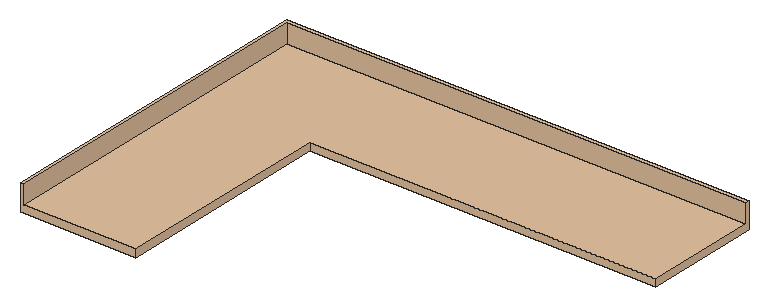
Revit family "M_Topo da bancada- Forma L", category Componentes de gabinete, Revit 2019
Family settings
  Número OmniClass = 23.40.35.17.47.11
  Título OmniClass = Kitchen Casework
  ID de item do Seek = Counter Top-L Shaped-0000-CAN-ENU
  Com base no plano de trabalho = Não
  Sempre na vertical = Sim
  Corte com vazios quando carregada = Não
  Compartilhado = Sim
  Ponto de cálculo do ambiente = Não
Parameters (values of type "Profundidade 600 mm")
  Espessura da bancada = 40 mm
  Material do topo da bancada = none
  Linear = 625 mm
  Altura = 900 mm
  Comprimento - Perna 1 [instance] = 2500 mm
  Comprimento- Perna 2 [instance] = 1800 mm
Reference planes
  plane 1 "Parte posterior": y = 0
  plane 2: z = 0
  plane 3 "Esquerda": x = -1200.462
  plane 4 "Direita": x = 1299.538
  plane 5 "Parte frontal": y = -625
  plane 6 "Superior": z = 900
  plane 7 "Topo do armário": z = 860
  plane 8: y = -19.05
  plane 9: z = 1001.6
  plane 10: x = -575.462
  plane 11: y = -1800
  plane 12: x = -1181.412
Forms (mm)
  Extrusion 1, solid, material <- "Material do topo da bancada"
    sketch origin (0, 0, 0) x (1, 0, 0) y (0, 1, 0)
      loop
        line (-1200.462, 0) -> (-1200.462, -1800) -> (-575.462, -1800) -> (-575.462, -625) -> (1299.538, -625) -> (1299.538, 0) -> (-1200.462, 0)
    from 860 to 900
  Extrusion 2, solid, material <- "Material do topo da bancada"
    sketch origin (0, 0, 0) x (1, 0, 0) y (0, 1, 0)
      loop
        line (1299.538, 0) -> (-1200.462, 0) -> (-1200.462, -19.05) -> (1299.538, -19.05) -> (1299.538, 0)
    from 900 to 1001.6
  Extrusion 3, solid, material <- "Material do topo da bancada"
    sketch origin (0, 0, 0) x (1, 0, 0) y (0, 1, 0)
      loop
        line (-1200.462, -19.05) -> (-1200.462, -1800) -> (-1181.412, -1800) -> (-1181.412, -19.05) -> (-1200.462, -19.05)
    from 900 to 1001.6
Cuts and joins
  joined: Extrusion 1, Extrusion 2, Extrusion 3
Lines and regions (mm)
  Masking region 1
    outline origin (0, 0, 860) x (0, -1, 0) y (1, 0, 0)
      loop
        line (0, -1200.462) -> (1800, -1200.462) -> (1800, -575.462) -> (625, -575.462) -> (625, 1299.538) -> (0, 1299.538) -> (0, -1200.462)
  symbolic lines, style "Topo da bancada"
    curve 1: line (-1181.412, -19.05, 860) -> (1299.538, -19.05, 860)
    curve 2: line (-1181.412, -1800, 860) -> (-1181.412, -19.05, 860)
Dimensions and locks
  "Linear": plane 5 "Parte frontal" to plane 1 "Parte posterior"
  "Comprimento - Perna 1": plane 3 "Esquerda" to plane 4 "Direita"
  "Altura": level to plane 6 "Superior"
  "Espessura da bancada": plane 7 "Topo do armário" to plane 6 "Superior"
  locked: plane 8 to plane 1 "Parte posterior" at 19.05
  plane 6 "Superior" to plane 9 = 101.6 mm
  "Linear": plane 3 "Esquerda" to plane 10
  "Comprimento- Perna 2": plane 11 to plane 1 "Parte posterior"
  locked: plane 3 "Esquerda" to plane 12 at 19.05
  aligned and locked: plane 1 "Parte posterior" to Extrusion 1 sketch curve
  aligned and locked: plane 4 "Direita" to Extrusion 1 sketch curve
  aligned and locked: Extrusion 1 sketch curve to plane 5 "Parte frontal"
  aligned and locked: Extrusion 1 sketch curve to plane 3 "Esquerda"
  aligned and locked: Extrusion 1 to plane 6 "Superior"
  aligned and locked: plane 7 "Topo do armário" to Extrusion 1
  aligned and locked: Extrusion 2 sketch curve to plane 1 "Parte posterior"
  aligned and locked: plane 8 to Extrusion 2 sketch curve
  aligned and locked: Extrusion 2 sketch curve to plane 4 "Direita"
  aligned and locked: plane 3 "Esquerda" to Extrusion 2 sketch curve
  aligned and locked: Extrusion 2 to plane 9
  aligned and locked: plane 6 "Superior" to Extrusion 2
  aligned and locked: plane 10 to Extrusion 1 sketch curve
  aligned and locked: plane 11 to Extrusion 1 sketch curve
  aligned and locked: plane 12 to Extrusion 3 sketch curve
  aligned and locked: Extrusion 3 to plane 8
  aligned and locked: plane 3 "Esquerda" to Extrusion 3
  aligned and locked: Extrusion 3 to plane 9
  aligned and locked: plane 6 "Superior" to Extrusion 3
  aligned and locked: Masking region 1 sketch curve to plane 3 "Esquerda"
  aligned and locked: plane 4 "Direita" to Masking region 1 sketch curve  (x2)
  aligned and locked: plane 1 "Parte posterior" to Masking region 1 sketch curve
  aligned and locked: plane 11 to Masking region 1 sketch curve
  aligned and locked: Masking region 1 sketch curve to plane 10
  aligned and locked: plane 5 "Parte frontal" to Masking region 1 sketch curve
Automatic sketch dimensions
  plane 3 "Esquerda" to Extrusion 3 sketch curve = 0 mm
  plane 11 to Extrusion 3 sketch curve = 0 mm
  plane 1 "Parte posterior" to Extrusion 3 sketch curve = 19.05 mm
  curve 1 to plane 4 "Direita" = 0 mm
  curve 1 to plane 8 = 0 mm
  curve 2 to plane 11 = 0 mm
  curve 1 to plane 3 "Esquerda" = 19.05 mm
